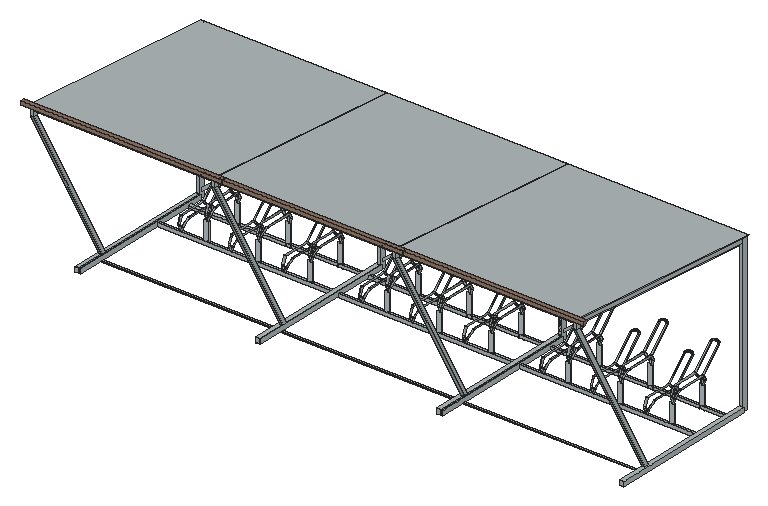
Revit family "Borås 18 Places", category Furniture, Revit 2020
Family settings
  OmniClass Number = 23.21.23.13.15
  Work Plane-Based = No
  Always vertical = Yes
  Cut with Voids When Loaded = No
  Shared = No
  Room Calculation Point = No
Parameters (values of type "8012490 Borås 18 Places / Galvanized")
  Uniclass 1.4 Description = "Furniture"
  Uniclass 1.4 Code = "L8211"
  URL = "https://www.hags.com/"
  QR code = ""
  Product url = "https://www.hags.com/en-us/park-urban/bicycle-storage/boraas-cycle-shelter/not-applicable-cast-in-place-18-places-aug-2010-galvanised"
  Product name = "Borås 18 Places / Galvanized"
  Product data url = ""
  Product SKU = ""
  Product Guid = "90e49432-c870-4a59-897e-b15016e8f9bd"
  OmniClass Description = ""
  OmniClass Code = "23-21 23 13 15"
  Model = "8012490"
  Manufacturer name = "HAGS"
  Manufacturer = "Hags"
  IFC Classification = "Furniture"
  Edition number = 1
  Description = "Borås 18 Places Galvanized "  # constant formula
  Default Elevation = 0 mm
  Construction material = Hags - Steel - Galvanized
  Body material_90 = Hags - Steel - Galvanized
  Body material = Hags - Steel - Galvanized
  BIMobject category = "bicycle-storage"
Reference planes
  plane 1 "Center (Front/Back)": y = 0
  plane 2: z = 0
  plane 3 "Center (Left/Right)": x = 0
Forms (mm)
  Extrusion 1, solid, material "Hags - Steel - Galvanized" <- "Construction material"
    sketch origin (-984.74, 2579.408, 0) x (0, 1, 0) y (0, 0, 1)
      loop
        line (-184.965, 0) -> (-184.965, 1710) -> (-234.965, 1710) -> (-234.965, 0) -> (-184.965, 0)
    from 0 to 32
  Extrusion 2, solid, material "Hags - Steel - Galvanized" <- "Construction material"
    sketch origin (-984.74, 2579.408, 0) x (0, 1, 0) y (0, 0, 1)
      loop
        line (-234.965, 1660) -> (-234.965, 1710) -> (-2462.806, 1904.911) -> (-2462.806, 1854.911) -> (-234.965, 1660)
    from 0 to 32
  Extrusion 3, solid, material "Hags - Steel - Galvanized" <- "Construction material"
    sketch origin (-985.052, 2579.408, 0) x (0, 1, 0) y (0, 0, 1)
      loop
        line (-2462.806, 1904.911) -> (-2512.806, 1904.911) -> (-2512.806, 1804.027) -> (-2462.806, 1804.027) -> (-2462.806, 1904.911)
    from 0 to 35
  Extrusion 4, solid, material "Hags - Steel - Galvanized" <- "Construction material"
    sketch origin (-985.052, 2579.408, 0) x (0, 1, 0) y (0, 0, 1)
      loop
        line (-2462.806, 1804.027) -> (-2512.806, 1804.027) -> (-1580.173, 50) -> (-1530.173, 50) -> (-1534.159, 57.495) -> (-2462.806, 1804.027)
    from 0 to 32
  Extrusion 5, solid, material "Hags - Steel - Galvanized" <- "Construction material"
    sketch origin (-1000.677, 2579.408, 0) x (0, 1, 0) y (0, 0, 1)
      loop
        line (-234.965, 50) -> (-1884.965, 50) -> (-1884.965, 0) -> (-234.965, 0) -> (-234.965, 50)
    from 0 to 43.755
  Extrusion 6, solid, material "Hags - Steel - Galvanized" <- "Construction material"
    sketch origin (-1000.677, 2384.408, 0) x (1, 0, 0) y (0, 0, 1)
      loop
        line (1995.745, 1698.705) -> (48.562, 1698.705) -> (48.562, 1664.079) -> (1995.745, 1664.079) -> (1995.745, 1698.705)
    from 0 to 32
  Extrusion 7, solid, material "Hags - Steel - Galvanized" <- "Construction material"
    sketch origin (-998.495, 109.408, 195.46) x (1, 0, 0) y (0, 0, 1)
      loop
        line (1995.745, 1698.705) -> (48.562, 1698.705) -> (48.562, 1664.079) -> (1995.745, 1664.079) -> (1995.745, 1698.705)
    from 0 to 38
  Extrusion 8, solid, material "Hags - Steel - Galvanized" <- "Construction material"
    sketch origin (-1000.677, 2384.408, 0) x (1, 0, 0) y (0, 0, 1)
      loop
        line (48.25, 73.319) -> (1994.904, 1618.13) -> (1994.904, 1650.001) -> (48.25, 103.265) -> (48.25, 73.319)
    from 0 to 32
  Extrusion 9, solid, material "Hags - Steel - Galvanized" <- "Construction material"
    sketch origin (-1000.677, 2579.408, 0) x (1, 0, 0) y (0, 1, 0)
      loop
        line (567.382, -415.587) -> (568.066, -416.141) -> (595.442, -389.704) -> (622.846, -415.88) -> (623.948, -415.585) -> (595.666, -387.302) -> (567.382, -415.587)
    from 0 to 245
  Extrusion 10, solid, material "Hags - Steel - Galvanized" <- "Construction material"
    sketch origin (-437.865, 2579.408, 0) x (1, 0, 0) y (0, 1, 0)
      loop
        line (567.382, -415.587) -> (568.066, -416.141) -> (595.442, -389.704) -> (622.846, -415.88) -> (623.948, -415.585) -> (595.666, -387.302) -> (567.382, -415.587)
    from 0 to 245
  Extrusion 11, solid, material "Hags - Steel - Galvanized" <- "Construction material"
    sketch origin (127.952, 2579.408, 0) x (1, 0, 0) y (0, 1, 0)
      loop
        line (567.382, -415.587) -> (568.066, -416.141) -> (595.442, -389.704) -> (622.846, -415.88) -> (623.948, -415.585) -> (595.666, -387.302) -> (567.382, -415.587)
    from 0 to 245
  Extrusion 12, solid, material "Hags - Steel - Galvanized" <- "Construction material"
    sketch origin (-1000.677, 2578.158, 0) x (1, 0, 0) y (0, 1, 0)
      loop
        line (48.562, -384.793) -> (48.562, -416.074) -> (1993.755, -416.074) -> (1993.755, -384.793) -> (48.562, -384.793)
    from 0 to 30
  Extrusion 13, solid, material "Hags - Steel - Galvanized" <- "Construction material"
    sketch origin (-1000.677, 2579.408, 0) x (1, 0, 0) y (0, 1, 0)
      loop
        line (46.821, -836.074) -> (1993.755, -836.074) -> (1993.755, -806.074) -> (46.821, -806.074) -> (46.821, -836.074)
    from 0 to 40
  Extrusion 14, solid, material "Hags - Steel - Galvanized" <- "Construction material"
    sketch origin (-1005.87, 1805.033, 2.5) x (1, 0, 0) y (0, 1, 0)
      loop
        line (48.948, -836.074) -> (1998.948, -836.074) -> (1998.948, -806.074) -> (48.948, -806.074) -> (48.948, -836.074)
    from 0 to 6
  Extrusion 15, solid, material "Hags - Steel - Galvanized" <- "Construction material"
    sketch origin (992.76, 2579.408, 0) x (0, 1, 0) y (0, 0, 1)
      loop
        line (-184.965, 0) -> (-184.965, 1710) -> (-234.965, 1710) -> (-234.965, 0) -> (-184.965, 0)
    from 0 to 32
  Extrusion 16, solid, material "Hags - Steel - Galvanized" <- "Construction material"
    sketch origin (992.76, 2579.408, 0) x (0, 1, 0) y (0, 0, 1)
      loop
        line (-234.965, 1660) -> (-234.965, 1710) -> (-2462.806, 1904.911) -> (-2462.806, 1854.911) -> (-234.965, 1660)
    from 0 to 32
  Extrusion 17, solid, material "Hags - Steel - Galvanized" <- "Construction material"
    sketch origin (992.448, 2579.408, 0) x (0, 1, 0) y (0, 0, 1)
      loop
        line (-2462.806, 1904.911) -> (-2512.806, 1904.911) -> (-2512.806, 1804.027) -> (-2462.806, 1804.027) -> (-2462.806, 1904.911)
    from 0 to 35
  Extrusion 18, solid, material "Hags - Steel - Galvanized" <- "Construction material"
    sketch origin (993.073, 2579.408, 0) x (0, 1, 0) y (0, 0, 1)
      loop
        line (-2462.806, 1804.027) -> (-2512.806, 1804.027) -> (-1580.173, 50) -> (-1530.173, 50) -> (-1534.159, 57.495) -> (-2462.806, 1804.027)
    from 0 to 32
  Extrusion 19, solid, material "Hags - Steel - Galvanized" <- "Construction material"
    sketch origin (994.13, 2579.408, 0) x (0, 1, 0) y (0, 0, 1)
      loop
        line (-234.965, 50) -> (-1884.965, 50) -> (-1884.965, 0) -> (-234.965, 0) -> (-234.965, 50)
    from 0 to 43.755
  Sweep 20, solid, material "Hags - Steel - Galvanized" <- "Body material"
    path origin (-364.372, 2583.549, -230.474) x (0, 1, 0) y (-0.309017, 0, 0.951057)
      loop
        line (-820.886, 0) -> (-820.886, 55.905) -> (-820.886, 59.124) -> (-819.965, 62.137) -> (-770.078, 125.99) -> (-766.002, 127.89) -> (-465.186, 127.89) -> (-461.094, 126.401) -> (-410.881, 58.199) -> (-410.115, 55.342) -> (-410.115, 0)
    profile origin (-373.01, 1762.663, -203.89) x (0, -1, 0) y (0.951057, 0, 0.309017)
      loop
        circle (0, 840.487) r 6.5
  Sweep 21, solid, material "Hags - Steel - Galvanized" <- "Body material"
    path origin (1244.524, 2583.549, -216.428) x (0, 1, 0) y (-0.292373, 0, -0.956304)
      loop
        line (-820.886, 0) -> (-820.886, -55.905) -> (-820.886, -59.124) -> (-819.965, -62.137) -> (-770.078, -125.99) -> (-766.002, -127.89) -> (-465.186, -127.89) -> (-461.094, -126.401) -> (-410.881, -58.199) -> (-410.115, -55.342) -> (-410.115, 0)
    profile origin (1252.697, 1762.663, -189.697) x (0, 1, 0) y (-0.956304, 0, 0.292373)
      loop
        circle (0, 840.487) r 6.5
  Sweep 22, solid, material "Hags - Steel - Galvanized" <- "Body material"
    path origin (-444.55, 2090.782, 123.616) x (1, 0, 0) y (0, 0.707107, 0.707107)
      loop
        line (839.702, 42.921) -> (839.702, 340.837) -> (840.265, 347.267) -> (843.228, 353.621) -> (847.934, 360.598) -> (855.705, 366.891) -> (865.691, 370.724) -> (877.383, 372.786) -> (881.238, 372.786) -> (892.864, 371.768) -> (903.629, 368.682) -> (914.205, 361.548) -> (920.498, 353.776) -> (923.074, 342.622) -> (923.074, 42.921)
    profile origin (395.152, 2226.462, 259.295) x (-1, 0, 0) y (0, -0.707107, 0.707107)
      loop
        circle (0, 0) r 6.547
  Sweep 23, solid, material "Hags - Steel - Galvanized" <- "Body material"
    path origin (-949.372, 2583.549, -230.474) x (0, 1, 0) y (-0.309017, 0, 0.951057)
      loop
        line (-820.886, 0) -> (-820.886, 55.905) -> (-820.886, 59.124) -> (-819.965, 62.137) -> (-770.078, 125.99) -> (-766.002, 127.89) -> (-465.186, 127.89) -> (-461.094, 126.401) -> (-410.881, 58.199) -> (-410.115, 55.342) -> (-410.115, 0)
    profile origin (-958.01, 1762.663, -203.89) x (0, -1, 0) y (0.951057, 0, 0.309017)
      loop
        circle (0, 840.487) r 6.5
  Sweep 24, solid, material "Hags - Steel - Galvanized" <- "Body material"
    path origin (659.524, 2583.549, -216.428) x (0, 1, 0) y (-0.292373, 0, -0.956304)
      loop
        line (-820.886, 0) -> (-820.886, -55.905) -> (-820.886, -59.124) -> (-819.965, -62.137) -> (-770.078, -125.99) -> (-766.002, -127.89) -> (-465.186, -127.89) -> (-461.094, -126.401) -> (-410.881, -58.199) -> (-410.115, -55.342) -> (-410.115, 0)
    profile origin (667.697, 1762.663, -189.697) x (0, 1, 0) y (-0.956304, 0, 0.292373)
      loop
        circle (0, 840.487) r 6.5
  Sweep 25, solid, material "Hags - Steel - Galvanized" <- "Body material"
    path origin (-1029.55, 2090.782, 123.616) x (1, 0, 0) y (0, 0.707107, 0.707107)
      loop
        line (839.702, 42.921) -> (839.702, 340.837) -> (840.265, 347.267) -> (843.228, 353.621) -> (847.934, 360.598) -> (855.705, 366.891) -> (865.691, 370.724) -> (877.383, 372.786) -> (881.238, 372.786) -> (892.864, 371.768) -> (903.629, 368.682) -> (914.205, 361.548) -> (920.498, 353.776) -> (923.074, 342.622) -> (923.074, 42.921)
    profile origin (-189.848, 2226.462, 259.295) x (-1, 0, 0) y (0, -0.707107, 0.707107)
      loop
        circle (0, 0) r 6.547
  Sweep 26, solid, material "Hags - Steel - Galvanized" <- "Body material"
    path origin (-1499.372, 2583.549, -230.474) x (0, 1, 0) y (-0.309017, 0, 0.951057)
      loop
        line (-820.886, 0) -> (-820.886, 55.905) -> (-820.886, 59.124) -> (-819.965, 62.137) -> (-770.078, 125.99) -> (-766.002, 127.89) -> (-465.186, 127.89) -> (-461.094, 126.401) -> (-410.881, 58.199) -> (-410.115, 55.342) -> (-410.115, 0)
    profile origin (-1508.01, 1762.663, -203.89) x (0, -1, 0) y (0.951057, 0, 0.309017)
      loop
        circle (0, 840.487) r 6.5
  Sweep 27, solid, material "Hags - Steel - Galvanized" <- "Body material"
    path origin (109.524, 2583.549, -216.428) x (0, 1, 0) y (-0.292373, 0, -0.956304)
      loop
        line (-820.886, 0) -> (-820.886, -55.905) -> (-820.886, -59.124) -> (-819.965, -62.137) -> (-770.078, -125.99) -> (-766.002, -127.89) -> (-465.186, -127.89) -> (-461.094, -126.401) -> (-410.881, -58.199) -> (-410.115, -55.342) -> (-410.115, 0)
    profile origin (117.697, 1762.663, -189.697) x (0, 1, 0) y (-0.956304, 0, 0.292373)
      loop
        circle (0, 840.487) r 6.5
  Sweep 28, solid, material "Hags - Steel - Galvanized" <- "Body material"
    path origin (-1579.55, 2090.782, 123.616) x (1, 0, 0) y (0, 0.707107, 0.707107)
      loop
        line (839.702, 42.921) -> (839.702, 340.837) -> (840.265, 347.267) -> (843.228, 353.621) -> (847.934, 360.598) -> (855.705, 366.891) -> (865.691, 370.724) -> (877.383, 372.786) -> (881.238, 372.786) -> (892.864, 371.768) -> (903.629, 368.682) -> (914.205, 361.548) -> (920.498, 353.776) -> (923.074, 342.622) -> (923.074, 42.921)
    profile origin (-739.848, 2226.462, 259.295) x (-1, 0, 0) y (0, -0.707107, 0.707107)
      loop
        circle (0, 0) r 6.547
  Sweep 29, solid, material "Hags - Steel - Galvanized" <- "Body material"
    path origin (-76.723, 2583.549, -20.216) x (0, 1, 0) y (-0.309017, 0, 0.951057)
      loop
        line (-820.886, 0) -> (-820.886, 55.905) -> (-820.886, 59.124) -> (-819.965, 62.137) -> (-770.078, 125.99) -> (-766.002, 127.89) -> (-465.186, 127.89) -> (-461.094, 126.401) -> (-410.881, 58.199) -> (-410.115, 55.342) -> (-410.115, 0)
    profile origin (-85.361, 1762.663, 6.368) x (0, -1, 0) y (0.951057, 0, 0.309017)
      loop
        circle (0, 840.487) r 6.5
  Sweep 30, solid, material "Hags - Steel - Galvanized" <- "Body material"
    path origin (1532.174, 2583.549, -6.17) x (0, 1, 0) y (-0.292373, 0, -0.956304)
      loop
        line (-820.886, 0) -> (-820.886, -55.905) -> (-820.886, -59.124) -> (-819.965, -62.137) -> (-770.078, -125.99) -> (-766.002, -127.89) -> (-465.186, -127.89) -> (-461.094, -126.401) -> (-410.881, -58.199) -> (-410.115, -55.342) -> (-410.115, 0)
    profile origin (1540.346, 1762.663, 20.561) x (0, 1, 0) y (-0.956304, 0, 0.292373)
      loop
        circle (0, 840.487) r 6.5
  Sweep 31, solid, material "Hags - Steel - Galvanized" <- "Body material"
    path origin (-156.901, 2090.782, 333.874) x (1, 0, 0) y (0, 0.707107, 0.707107)
      loop
        line (839.702, 42.921) -> (839.702, 340.837) -> (840.265, 347.267) -> (843.228, 353.621) -> (847.934, 360.598) -> (855.705, 366.891) -> (865.691, 370.724) -> (877.383, 372.786) -> (881.238, 372.786) -> (892.864, 371.768) -> (903.629, 368.682) -> (914.205, 361.548) -> (920.498, 353.776) -> (923.074, 342.622) -> (923.074, 42.921)
    profile origin (682.801, 2226.462, 469.553) x (-1, 0, 0) y (0, -0.707107, 0.707107)
      loop
        circle (0, 0) r 6.547
  Extrusion 32, solid, material "Hags - Steel - Galvanized" <- "Construction material"
    sketch origin (127.952, 2165.658, 0) x (1, 0, 0) y (0, 1, 0)
      loop
        line (567.382, -415.587) -> (568.066, -416.141) -> (595.442, -389.704) -> (622.846, -415.88) -> (623.948, -415.585) -> (595.666, -387.302) -> (567.382, -415.587)
    from 0 to 245
  Sweep 33, solid, material "Hags - Steel - Galvanized" <- "Body material"
    path origin (-641.723, 2583.549, -20.216) x (0, 1, 0) y (-0.309017, 0, 0.951057)
      loop
        line (-820.886, 0) -> (-820.886, 55.905) -> (-820.886, 59.124) -> (-819.965, 62.137) -> (-770.078, 125.99) -> (-766.002, 127.89) -> (-465.186, 127.89) -> (-461.094, 126.401) -> (-410.881, 58.199) -> (-410.115, 55.342) -> (-410.115, 0)
    profile origin (-650.361, 1762.663, 6.368) x (0, -1, 0) y (0.951057, 0, 0.309017)
      loop
        circle (0, 840.487) r 6.5
  Sweep 34, solid, material "Hags - Steel - Galvanized" <- "Body material"
    path origin (967.174, 2583.549, -6.17) x (0, 1, 0) y (-0.292373, 0, -0.956304)
      loop
        line (-820.886, 0) -> (-820.886, -55.905) -> (-820.886, -59.124) -> (-819.965, -62.137) -> (-770.078, -125.99) -> (-766.002, -127.89) -> (-465.186, -127.89) -> (-461.094, -126.401) -> (-410.881, -58.199) -> (-410.115, -55.342) -> (-410.115, 0)
    profile origin (975.346, 1762.663, 20.561) x (0, 1, 0) y (-0.956304, 0, 0.292373)
      loop
        circle (0, 840.487) r 6.5
  Sweep 35, solid, material "Hags - Steel - Galvanized" <- "Body material"
    path origin (-721.901, 2090.782, 333.874) x (1, 0, 0) y (0, 0.707107, 0.707107)
      loop
        line (839.702, 42.921) -> (839.702, 340.837) -> (840.265, 347.267) -> (843.228, 353.621) -> (847.934, 360.598) -> (855.705, 366.891) -> (865.691, 370.724) -> (877.383, 372.786) -> (881.238, 372.786) -> (892.864, 371.768) -> (903.629, 368.682) -> (914.205, 361.548) -> (920.498, 353.776) -> (923.074, 342.622) -> (923.074, 42.921)
    profile origin (117.801, 2226.462, 469.553) x (-1, 0, 0) y (0, -0.707107, 0.707107)
      loop
        circle (0, 0) r 6.547
  Extrusion 36, solid, material "Hags - Steel - Galvanized" <- "Construction material"
    sketch origin (-437.048, 2165.658, 0) x (1, 0, 0) y (0, 1, 0)
      loop
        line (567.382, -415.587) -> (568.066, -416.141) -> (595.442, -389.704) -> (622.846, -415.88) -> (623.948, -415.585) -> (595.666, -387.302) -> (567.382, -415.587)
    from 0 to 245
  Sweep 37, solid, material "Hags - Steel - Galvanized" <- "Body material"
    path origin (-1205.473, 2583.549, -20.216) x (0, 1, 0) y (-0.309017, 0, 0.951057)
      loop
        line (-820.886, 0) -> (-820.886, 55.905) -> (-820.886, 59.124) -> (-819.965, 62.137) -> (-770.078, 125.99) -> (-766.002, 127.89) -> (-465.186, 127.89) -> (-461.094, 126.401) -> (-410.881, 58.199) -> (-410.115, 55.342) -> (-410.115, 0)
    profile origin (-1214.111, 1762.663, 6.368) x (0, -1, 0) y (0.951057, 0, 0.309017)
      loop
        circle (0, 840.487) r 6.5
  Sweep 38, solid, material "Hags - Steel - Galvanized" <- "Body material"
    path origin (403.424, 2583.549, -6.17) x (0, 1, 0) y (-0.292373, 0, -0.956304)
      loop
        line (-820.886, 0) -> (-820.886, -55.905) -> (-820.886, -59.124) -> (-819.965, -62.137) -> (-770.078, -125.99) -> (-766.002, -127.89) -> (-465.186, -127.89) -> (-461.094, -126.401) -> (-410.881, -58.199) -> (-410.115, -55.342) -> (-410.115, 0)
    profile origin (411.596, 1762.663, 20.561) x (0, 1, 0) y (-0.956304, 0, 0.292373)
      loop
        circle (0, 840.487) r 6.5
  Sweep 39, solid, material "Hags - Steel - Galvanized" <- "Body material"
    path origin (-1285.651, 2090.782, 333.874) x (1, 0, 0) y (0, 0.707107, 0.707107)
      loop
        line (839.702, 42.921) -> (839.702, 340.837) -> (840.265, 347.267) -> (843.228, 353.621) -> (847.934, 360.598) -> (855.705, 366.891) -> (865.691, 370.724) -> (877.383, 372.786) -> (881.238, 372.786) -> (892.864, 371.768) -> (903.629, 368.682) -> (914.205, 361.548) -> (920.498, 353.776) -> (923.074, 342.622) -> (923.074, 42.921)
    profile origin (-445.949, 2226.462, 469.553) x (-1, 0, 0) y (0, -0.707107, 0.707107)
      loop
        circle (0, 0) r 6.547
  Extrusion 40, solid, material "Hags - Steel - Galvanized" <- "Construction material"
    sketch origin (-1000.798, 2165.658, 0) x (1, 0, 0) y (0, 1, 0)
      loop
        line (567.382, -415.587) -> (568.066, -416.141) -> (595.442, -389.704) -> (622.846, -415.88) -> (623.948, -415.585) -> (595.666, -387.302) -> (567.382, -415.587)
    from 0 to 245
  Extrusion 41, solid, material "Hags - Wood - Bark brown"
    sketch origin (-1075.269, 2592.308, -25) x (0, 1, 0) y (0, 0, 1)
      loop
        line (-2549.63, 1911.391) -> (-2527.825, 1909.1) -> (-2525.404, 1932.128) -> (-2502.617, 1929.733) -> (-2500.3, 1951.774) -> (-2544.893, 1956.461) -> (-2549.63, 1911.391)
    from -1.351 to 2200
  Extrusion 42, solid, material "Hags - Steel - Galvanized" <- "Body material"
    sketch origin (3679.106, -1732.992, 2066.313) x (1, 0, 0) y (0, 0.996302, -0.085916)
      loop
        line (-4664.158, 1835.544) -> (-2639.158, 1835.544) -> (-2639.158, 4145.544) -> (-4664.158, 4145.544) -> (-4664.158, 1835.544)
    from 0 to 8
  Extrusion 43, solid, material "Hags - Steel - Galvanized" <- "Construction material"
    sketch origin (-2962.865, 2579.408, 0) x (0, 1, 0) y (0, 0, 1)
      loop
        line (-184.965, 0) -> (-184.965, 1710) -> (-234.965, 1710) -> (-234.965, 0) -> (-184.965, 0)
    from 0 to 32
  Extrusion 44, solid, material "Hags - Steel - Galvanized" <- "Construction material"
    sketch origin (-2962.865, 2579.408, 0) x (0, 1, 0) y (0, 0, 1)
      loop
        line (-234.965, 1660) -> (-234.965, 1710) -> (-2462.806, 1904.911) -> (-2462.806, 1854.911) -> (-234.965, 1660)
    from 0 to 32
  Extrusion 45, solid, material "Hags - Steel - Galvanized" <- "Construction material"
    sketch origin (-2963.177, 2579.408, 0) x (0, 1, 0) y (0, 0, 1)
      loop
        line (-2462.806, 1904.911) -> (-2512.806, 1904.911) -> (-2512.806, 1804.027) -> (-2462.806, 1804.027) -> (-2462.806, 1904.911)
    from 0 to 35
  Extrusion 46, solid, material "Hags - Steel - Galvanized" <- "Construction material"
    sketch origin (-2963.177, 2579.408, 0) x (0, 1, 0) y (0, 0, 1)
      loop
        line (-2462.806, 1804.027) -> (-2512.806, 1804.027) -> (-1580.173, 50) -> (-1530.173, 50) -> (-1534.159, 57.495) -> (-2462.806, 1804.027)
    from 0 to 32
  Extrusion 47, solid, material "Hags - Steel - Galvanized" <- "Construction material"
    sketch origin (-2978.802, 2579.408, 0) x (0, 1, 0) y (0, 0, 1)
      loop
        line (-234.965, 50) -> (-1884.965, 50) -> (-1884.965, 0) -> (-234.965, 0) -> (-234.965, 50)
    from 0 to 43.755
  Extrusion 48, solid, material "Hags - Steel - Galvanized" <- "Construction material"
    sketch origin (-2978.802, 2384.408, 0) x (1, 0, 0) y (0, 0, 1)
      loop
        line (1995.745, 1698.705) -> (48.562, 1698.705) -> (48.562, 1664.079) -> (1995.745, 1664.079) -> (1995.745, 1698.705)
    from 0 to 32
  Extrusion 49, solid, material "Hags - Steel - Galvanized" <- "Construction material"
    sketch origin (-2976.62, 109.408, 195.46) x (1, 0, 0) y (0, 0, 1)
      loop
        line (1995.745, 1698.705) -> (48.562, 1698.705) -> (48.562, 1664.079) -> (1995.745, 1664.079) -> (1995.745, 1698.705)
    from 0 to 38
  Extrusion 50, solid, material "Hags - Steel - Galvanized" <- "Construction material"
    sketch origin (-2978.802, 2384.408, 0) x (1, 0, 0) y (0, 0, 1)
      loop
        line (48.25, 73.319) -> (1994.904, 1618.13) -> (1994.904, 1650.001) -> (48.25, 103.265) -> (48.25, 73.319)
    from 0 to 32
  Extrusion 51, solid, material "Hags - Steel - Galvanized" <- "Construction material"
    sketch origin (-2978.802, 2579.408, 0) x (1, 0, 0) y (0, 1, 0)
      loop
        line (567.382, -415.587) -> (568.066, -416.141) -> (595.442, -389.704) -> (622.846, -415.88) -> (623.948, -415.585) -> (595.666, -387.302) -> (567.382, -415.587)
    from 0 to 245
  Extrusion 52, solid, material "Hags - Steel - Galvanized" <- "Construction material"
    sketch origin (-2415.99, 2579.408, 0) x (1, 0, 0) y (0, 1, 0)
      loop
        line (567.382, -415.587) -> (568.066, -416.141) -> (595.442, -389.704) -> (622.846, -415.88) -> (623.948, -415.585) -> (595.666, -387.302) -> (567.382, -415.587)
    from 0 to 245
  Extrusion 53, solid, material "Hags - Steel - Galvanized" <- "Construction material"
    sketch origin (-1850.173, 2579.408, 0) x (1, 0, 0) y (0, 1, 0)
      loop
        line (567.382, -415.587) -> (568.066, -416.141) -> (595.442, -389.704) -> (622.846, -415.88) -> (623.948, -415.585) -> (595.666, -387.302) -> (567.382, -415.587)
    from 0 to 245
  Extrusion 54, solid, material "Hags - Steel - Galvanized" <- "Construction material"
    sketch origin (-2978.802, 2578.158, 0) x (1, 0, 0) y (0, 1, 0)
      loop
        line (48.562, -384.793) -> (48.562, -416.074) -> (1993.755, -416.074) -> (1993.755, -384.793) -> (48.562, -384.793)
    from 0 to 30
  Extrusion 55, solid, material "Hags - Steel - Galvanized" <- "Construction material"
    sketch origin (-2978.802, 2579.408, 0) x (1, 0, 0) y (0, 1, 0)
      loop
        line (46.821, -836.074) -> (1993.755, -836.074) -> (1993.755, -806.074) -> (46.821, -806.074) -> (46.821, -836.074)
    from 0 to 40
  Extrusion 56, solid, material "Hags - Steel - Galvanized" <- "Construction material"
    sketch origin (-2983.995, 1805.033, 2.5) x (1, 0, 0) y (0, 1, 0)
      loop
        line (48.948, -836.074) -> (1998.948, -836.074) -> (1998.948, -806.074) -> (48.948, -806.074) -> (48.948, -836.074)
    from 0 to 6
  Extrusion 57, solid, material "Hags - Steel - Galvanized" <- "Construction material"
    sketch origin (-985.365, 2579.408, 0) x (0, 1, 0) y (0, 0, 1)
      loop
        line (-184.965, 0) -> (-184.965, 1710) -> (-234.965, 1710) -> (-234.965, 0) -> (-184.965, 0)
    from 0 to 32
  Extrusion 58, solid, material "Hags - Steel - Galvanized" <- "Construction material"
    sketch origin (-985.365, 2579.408, 0) x (0, 1, 0) y (0, 0, 1)
      loop
        line (-234.965, 1660) -> (-234.965, 1710) -> (-2462.806, 1904.911) -> (-2462.806, 1854.911) -> (-234.965, 1660)
    from 0 to 32
  Extrusion 59, solid, material "Hags - Steel - Galvanized" <- "Construction material"
    sketch origin (-985.677, 2579.408, 0) x (0, 1, 0) y (0, 0, 1)
      loop
        line (-2462.806, 1904.911) -> (-2512.806, 1904.911) -> (-2512.806, 1804.027) -> (-2462.806, 1804.027) -> (-2462.806, 1904.911)
    from 0 to 35
  Extrusion 60, solid, material "Hags - Steel - Galvanized" <- "Construction material"
    sketch origin (-985.052, 2579.408, 0) x (0, 1, 0) y (0, 0, 1)
      loop
        line (-2462.806, 1804.027) -> (-2512.806, 1804.027) -> (-1580.173, 50) -> (-1530.173, 50) -> (-1534.159, 57.495) -> (-2462.806, 1804.027)
    from 0 to 32
  Extrusion 61, solid, material "Hags - Steel - Galvanized" <- "Construction material"
    sketch origin (-983.995, 2579.408, 0) x (0, 1, 0) y (0, 0, 1)
      loop
        line (-234.965, 50) -> (-1884.965, 50) -> (-1884.965, 0) -> (-234.965, 0) -> (-234.965, 50)
    from 0 to 43.755
  Sweep 62, solid, material "Hags - Steel - Galvanized" <- "Body material"
    path origin (-2342.497, 2583.549, -230.474) x (0, 1, 0) y (-0.309017, 0, 0.951057)
      loop
        line (-820.886, 0) -> (-820.886, 55.905) -> (-820.886, 59.124) -> (-819.965, 62.137) -> (-770.078, 125.99) -> (-766.002, 127.89) -> (-465.186, 127.89) -> (-461.094, 126.401) -> (-410.881, 58.199) -> (-410.115, 55.342) -> (-410.115, 0)
    profile origin (-2351.135, 1762.663, -203.89) x (0, -1, 0) y (0.951057, 0, 0.309017)
      loop
        circle (0, 840.487) r 6.5
  Sweep 63, solid, material "Hags - Steel - Galvanized" <- "Body material"
    path origin (-733.601, 2583.549, -216.428) x (0, 1, 0) y (-0.292373, 0, -0.956304)
      loop
        line (-820.886, 0) -> (-820.886, -55.905) -> (-820.886, -59.124) -> (-819.965, -62.137) -> (-770.078, -125.99) -> (-766.002, -127.89) -> (-465.186, -127.89) -> (-461.094, -126.401) -> (-410.881, -58.199) -> (-410.115, -55.342) -> (-410.115, 0)
    profile origin (-725.428, 1762.663, -189.697) x (0, 1, 0) y (-0.956304, 0, 0.292373)
      loop
        circle (0, 840.487) r 6.5
  Sweep 64, solid, material "Hags - Steel - Galvanized" <- "Body material"
    path origin (-2422.675, 2090.782, 123.616) x (1, 0, 0) y (0, 0.707107, 0.707107)
      loop
        line (839.702, 42.921) -> (839.702, 340.837) -> (840.265, 347.267) -> (843.228, 353.621) -> (847.934, 360.598) -> (855.705, 366.891) -> (865.691, 370.724) -> (877.383, 372.786) -> (881.238, 372.786) -> (892.864, 371.768) -> (903.629, 368.682) -> (914.205, 361.548) -> (920.498, 353.776) -> (923.074, 342.622) -> (923.074, 42.921)
    profile origin (-1582.973, 2226.462, 259.295) x (-1, 0, 0) y (0, -0.707107, 0.707107)
      loop
        circle (0, 0) r 6.547
  Sweep 65, solid, material "Hags - Steel - Galvanized" <- "Body material"
    path origin (-2927.497, 2583.549, -230.474) x (0, 1, 0) y (-0.309017, 0, 0.951057)
      loop
        line (-820.886, 0) -> (-820.886, 55.905) -> (-820.886, 59.124) -> (-819.965, 62.137) -> (-770.078, 125.99) -> (-766.002, 127.89) -> (-465.186, 127.89) -> (-461.094, 126.401) -> (-410.881, 58.199) -> (-410.115, 55.342) -> (-410.115, 0)
    profile origin (-2936.135, 1762.663, -203.89) x (0, -1, 0) y (0.951057, 0, 0.309017)
      loop
        circle (0, 840.487) r 6.5
  Sweep 66, solid, material "Hags - Steel - Galvanized" <- "Body material"
    path origin (-1318.601, 2583.549, -216.428) x (0, 1, 0) y (-0.292373, 0, -0.956304)
      loop
        line (-820.886, 0) -> (-820.886, -55.905) -> (-820.886, -59.124) -> (-819.965, -62.137) -> (-770.078, -125.99) -> (-766.002, -127.89) -> (-465.186, -127.89) -> (-461.094, -126.401) -> (-410.881, -58.199) -> (-410.115, -55.342) -> (-410.115, 0)
    profile origin (-1310.428, 1762.663, -189.697) x (0, 1, 0) y (-0.956304, 0, 0.292373)
      loop
        circle (0, 840.487) r 6.5
  Sweep 67, solid, material "Hags - Steel - Galvanized" <- "Body material"
    path origin (-3007.675, 2090.782, 123.616) x (1, 0, 0) y (0, 0.707107, 0.707107)
      loop
        line (839.702, 42.921) -> (839.702, 340.837) -> (840.265, 347.267) -> (843.228, 353.621) -> (847.934, 360.598) -> (855.705, 366.891) -> (865.691, 370.724) -> (877.383, 372.786) -> (881.238, 372.786) -> (892.864, 371.768) -> (903.629, 368.682) -> (914.205, 361.548) -> (920.498, 353.776) -> (923.074, 342.622) -> (923.074, 42.921)
    profile origin (-2167.973, 2226.462, 259.295) x (-1, 0, 0) y (0, -0.707107, 0.707107)
      loop
        circle (0, 0) r 6.547
  Sweep 68, solid, material "Hags - Steel - Galvanized" <- "Body material"
    path origin (-3477.497, 2583.549, -230.474) x (0, 1, 0) y (-0.309017, 0, 0.951057)
      loop
        line (-820.886, 0) -> (-820.886, 55.905) -> (-820.886, 59.124) -> (-819.965, 62.137) -> (-770.078, 125.99) -> (-766.002, 127.89) -> (-465.186, 127.89) -> (-461.094, 126.401) -> (-410.881, 58.199) -> (-410.115, 55.342) -> (-410.115, 0)
    profile origin (-3486.135, 1762.663, -203.89) x (0, -1, 0) y (0.951057, 0, 0.309017)
      loop
        circle (0, 840.487) r 6.5
  Sweep 69, solid, material "Hags - Steel - Galvanized" <- "Body material"
    path origin (-1868.601, 2583.549, -216.428) x (0, 1, 0) y (-0.292373, 0, -0.956304)
      loop
        line (-820.886, 0) -> (-820.886, -55.905) -> (-820.886, -59.124) -> (-819.965, -62.137) -> (-770.078, -125.99) -> (-766.002, -127.89) -> (-465.186, -127.89) -> (-461.094, -126.401) -> (-410.881, -58.199) -> (-410.115, -55.342) -> (-410.115, 0)
    profile origin (-1860.428, 1762.663, -189.697) x (0, 1, 0) y (-0.956304, 0, 0.292373)
      loop
        circle (0, 840.487) r 6.5
  Sweep 70, solid, material "Hags - Steel - Galvanized" <- "Body material"
    path origin (-3557.675, 2090.782, 123.616) x (1, 0, 0) y (0, 0.707107, 0.707107)
      loop
        line (839.702, 42.921) -> (839.702, 340.837) -> (840.265, 347.267) -> (843.228, 353.621) -> (847.934, 360.598) -> (855.705, 366.891) -> (865.691, 370.724) -> (877.383, 372.786) -> (881.238, 372.786) -> (892.864, 371.768) -> (903.629, 368.682) -> (914.205, 361.548) -> (920.498, 353.776) -> (923.074, 342.622) -> (923.074, 42.921)
    profile origin (-2717.973, 2226.462, 259.295) x (-1, 0, 0) y (0, -0.707107, 0.707107)
      loop
        circle (0, 0) r 6.547
  Sweep 71, solid, material "Hags - Steel - Galvanized" <- "Body material"
    path origin (-2054.848, 2583.549, -20.216) x (0, 1, 0) y (-0.309017, 0, 0.951057)
      loop
        line (-820.886, 0) -> (-820.886, 55.905) -> (-820.886, 59.124) -> (-819.965, 62.137) -> (-770.078, 125.99) -> (-766.002, 127.89) -> (-465.186, 127.89) -> (-461.094, 126.401) -> (-410.881, 58.199) -> (-410.115, 55.342) -> (-410.115, 0)
    profile origin (-2063.486, 1762.663, 6.368) x (0, -1, 0) y (0.951057, 0, 0.309017)
      loop
        circle (0, 840.487) r 6.5
  Sweep 72, solid, material "Hags - Steel - Galvanized" <- "Body material"
    path origin (-445.951, 2583.549, -6.17) x (0, 1, 0) y (-0.292373, 0, -0.956304)
      loop
        line (-820.886, 0) -> (-820.886, -55.905) -> (-820.886, -59.124) -> (-819.965, -62.137) -> (-770.078, -125.99) -> (-766.002, -127.89) -> (-465.186, -127.89) -> (-461.094, -126.401) -> (-410.881, -58.199) -> (-410.115, -55.342) -> (-410.115, 0)
    profile origin (-437.779, 1762.663, 20.561) x (0, 1, 0) y (-0.956304, 0, 0.292373)
      loop
        circle (0, 840.487) r 6.5
  Sweep 73, solid, material "Hags - Steel - Galvanized" <- "Body material"
    path origin (-2135.026, 2090.782, 333.874) x (1, 0, 0) y (0, 0.707107, 0.707107)
      loop
        line (839.702, 42.921) -> (839.702, 340.837) -> (840.265, 347.267) -> (843.228, 353.621) -> (847.934, 360.598) -> (855.705, 366.891) -> (865.691, 370.724) -> (877.383, 372.786) -> (881.238, 372.786) -> (892.864, 371.768) -> (903.629, 368.682) -> (914.205, 361.548) -> (920.498, 353.776) -> (923.074, 342.622) -> (923.074, 42.921)
    profile origin (-1295.324, 2226.462, 469.553) x (-1, 0, 0) y (0, -0.707107, 0.707107)
      loop
        circle (0, 0) r 6.547
  Extrusion 74, solid, material "Hags - Steel - Galvanized" <- "Construction material"
    sketch origin (-1850.173, 2165.658, 0) x (1, 0, 0) y (0, 1, 0)
      loop
        line (567.382, -415.587) -> (568.066, -416.141) -> (595.442, -389.704) -> (622.846, -415.88) -> (623.948, -415.585) -> (595.666, -387.302) -> (567.382, -415.587)
    from 0 to 245
  Sweep 75, solid, material "Hags - Steel - Galvanized" <- "Body material"
    path origin (-2619.848, 2583.549, -20.216) x (0, 1, 0) y (-0.309017, 0, 0.951057)
      loop
        line (-820.886, 0) -> (-820.886, 55.905) -> (-820.886, 59.124) -> (-819.965, 62.137) -> (-770.078, 125.99) -> (-766.002, 127.89) -> (-465.186, 127.89) -> (-461.094, 126.401) -> (-410.881, 58.199) -> (-410.115, 55.342) -> (-410.115, 0)
    profile origin (-2628.486, 1762.663, 6.368) x (0, -1, 0) y (0.951057, 0, 0.309017)
      loop
        circle (0, 840.487) r 6.5
  Sweep 76, solid, material "Hags - Steel - Galvanized" <- "Body material"
    path origin (-1010.951, 2583.549, -6.17) x (0, 1, 0) y (-0.292373, 0, -0.956304)
      loop
        line (-820.886, 0) -> (-820.886, -55.905) -> (-820.886, -59.124) -> (-819.965, -62.137) -> (-770.078, -125.99) -> (-766.002, -127.89) -> (-465.186, -127.89) -> (-461.094, -126.401) -> (-410.881, -58.199) -> (-410.115, -55.342) -> (-410.115, 0)
    profile origin (-1002.779, 1762.663, 20.561) x (0, 1, 0) y (-0.956304, 0, 0.292373)
      loop
        circle (0, 840.487) r 6.5
  Sweep 77, solid, material "Hags - Steel - Galvanized" <- "Body material"
    path origin (-2700.026, 2090.782, 333.874) x (1, 0, 0) y (0, 0.707107, 0.707107)
      loop
        line (839.702, 42.921) -> (839.702, 340.837) -> (840.265, 347.267) -> (843.228, 353.621) -> (847.934, 360.598) -> (855.705, 366.891) -> (865.691, 370.724) -> (877.383, 372.786) -> (881.238, 372.786) -> (892.864, 371.768) -> (903.629, 368.682) -> (914.205, 361.548) -> (920.498, 353.776) -> (923.074, 342.622) -> (923.074, 42.921)
    profile origin (-1860.324, 2226.462, 469.553) x (-1, 0, 0) y (0, -0.707107, 0.707107)
      loop
        circle (0, 0) r 6.547
  Extrusion 78, solid, material "Hags - Steel - Galvanized" <- "Construction material"
    sketch origin (-2415.173, 2165.658, 0) x (1, 0, 0) y (0, 1, 0)
      loop
        line (567.382, -415.587) -> (568.066, -416.141) -> (595.442, -389.704) -> (622.846, -415.88) -> (623.948, -415.585) -> (595.666, -387.302) -> (567.382, -415.587)
    from 0 to 245
  Sweep 79, solid, material "Hags - Steel - Galvanized" <- "Body material"
    path origin (-3183.598, 2583.549, -20.216) x (0, 1, 0) y (-0.309017, 0, 0.951057)
      loop
        line (-820.886, 0) -> (-820.886, 55.905) -> (-820.886, 59.124) -> (-819.965, 62.137) -> (-770.078, 125.99) -> (-766.002, 127.89) -> (-465.186, 127.89) -> (-461.094, 126.401) -> (-410.881, 58.199) -> (-410.115, 55.342) -> (-410.115, 0)
    profile origin (-3192.236, 1762.663, 6.368) x (0, -1, 0) y (0.951057, 0, 0.309017)
      loop
        circle (0, 840.487) r 6.5
  Sweep 80, solid, material "Hags - Steel - Galvanized" <- "Body material"
    path origin (-1574.701, 2583.549, -6.17) x (0, 1, 0) y (-0.292373, 0, -0.956304)
      loop
        line (-820.886, 0) -> (-820.886, -55.905) -> (-820.886, -59.124) -> (-819.965, -62.137) -> (-770.078, -125.99) -> (-766.002, -127.89) -> (-465.186, -127.89) -> (-461.094, -126.401) -> (-410.881, -58.199) -> (-410.115, -55.342) -> (-410.115, 0)
    profile origin (-1566.529, 1762.663, 20.561) x (0, 1, 0) y (-0.956304, 0, 0.292373)
      loop
        circle (0, 840.487) r 6.5
  Sweep 81, solid, material "Hags - Steel - Galvanized" <- "Body material"
    path origin (-3263.776, 2090.782, 333.874) x (1, 0, 0) y (0, 0.707107, 0.707107)
      loop
        line (839.702, 42.921) -> (839.702, 340.837) -> (840.265, 347.267) -> (843.228, 353.621) -> (847.934, 360.598) -> (855.705, 366.891) -> (865.691, 370.724) -> (877.383, 372.786) -> (881.238, 372.786) -> (892.864, 371.768) -> (903.629, 368.682) -> (914.205, 361.548) -> (920.498, 353.776) -> (923.074, 342.622) -> (923.074, 42.921)
    profile origin (-2424.074, 2226.462, 469.553) x (-1, 0, 0) y (0, -0.707107, 0.707107)
      loop
        circle (0, 0) r 6.547
  Extrusion 82, solid, material "Hags - Steel - Galvanized" <- "Construction material"
    sketch origin (-2978.923, 2165.658, 0) x (1, 0, 0) y (0, 1, 0)
      loop
        line (567.382, -415.587) -> (568.066, -416.141) -> (595.442, -389.704) -> (622.846, -415.88) -> (623.948, -415.585) -> (595.666, -387.302) -> (567.382, -415.587)
    from 0 to 245
  Extrusion 83, solid, material "Hags - Wood - Bark brown"
    sketch origin (-3053.394, 2592.308, -25) x (0, 1, 0) y (0, 0, 1)
      loop
        line (-2549.63, 1911.391) -> (-2527.825, 1909.1) -> (-2525.404, 1932.128) -> (-2502.617, 1929.733) -> (-2500.3, 1951.774) -> (-2544.893, 1956.461) -> (-2549.63, 1911.391)
    from -1.351 to 2200
  Extrusion 84, solid, material "Hags - Steel - Galvanized" <- "Body material"
    sketch origin (1700.981, -1732.992, 2066.313) x (1, 0, 0) y (0, 0.996302, -0.085916)
      loop
        line (-4664.158, 1835.544) -> (-2639.158, 1835.544) -> (-2639.158, 4145.544) -> (-4664.158, 4145.544) -> (-4664.158, 1835.544)
    from 0 to 8
  Extrusion 85, solid, material "Hags - Steel - Galvanized" <- "Construction material"
    sketch origin (-4940.677, 2579.408, 0) x (0, 1, 0) y (0, 0, 1)
      loop
        line (-184.965, 0) -> (-184.965, 1710) -> (-234.965, 1710) -> (-234.965, 0) -> (-184.965, 0)
    from 0 to 32
  Extrusion 86, solid, material "Hags - Steel - Galvanized" <- "Construction material"
    sketch origin (-4940.677, 2579.408, 0) x (0, 1, 0) y (0, 0, 1)
      loop
        line (-234.965, 1660) -> (-234.965, 1710) -> (-2462.806, 1904.911) -> (-2462.806, 1854.911) -> (-234.965, 1660)
    from 0 to 32
  Extrusion 87, solid, material "Hags - Steel - Galvanized" <- "Construction material"
    sketch origin (-4940.99, 2579.408, 0) x (0, 1, 0) y (0, 0, 1)
      loop
        line (-2462.806, 1904.911) -> (-2512.806, 1904.911) -> (-2512.806, 1804.027) -> (-2462.806, 1804.027) -> (-2462.806, 1904.911)
    from 0 to 35
  Extrusion 88, solid, material "Hags - Steel - Galvanized" <- "Construction material"
    sketch origin (-4940.99, 2579.408, 0) x (0, 1, 0) y (0, 0, 1)
      loop
        line (-2462.806, 1804.027) -> (-2512.806, 1804.027) -> (-1580.173, 50) -> (-1530.173, 50) -> (-1534.159, 57.495) -> (-2462.806, 1804.027)
    from 0 to 32
  Extrusion 89, solid, material "Hags - Steel - Galvanized" <- "Construction material"
    sketch origin (-4956.615, 2579.408, 0) x (0, 1, 0) y (0, 0, 1)
      loop
        line (-234.965, 50) -> (-1884.965, 50) -> (-1884.965, 0) -> (-234.965, 0) -> (-234.965, 50)
    from 0 to 43.755
  Extrusion 90, solid, material "Hags - Steel - Galvanized" <- "Construction material"
    sketch origin (-4956.615, 2384.408, 0) x (1, 0, 0) y (0, 0, 1)
      loop
        line (1995.745, 1698.705) -> (48.562, 1698.705) -> (48.562, 1664.079) -> (1995.745, 1664.079) -> (1995.745, 1698.705)
    from 0 to 32
  Extrusion 91, solid, material "Hags - Steel - Galvanized" <- "Construction material"
    sketch origin (-4954.433, 109.408, 195.46) x (1, 0, 0) y (0, 0, 1)
      loop
        line (1995.745, 1698.705) -> (48.562, 1698.705) -> (48.562, 1664.079) -> (1995.745, 1664.079) -> (1995.745, 1698.705)
    from 0 to 38
  Extrusion 92, solid, material "Hags - Steel - Galvanized" <- "Construction material"
    sketch origin (-4956.615, 2384.408, 0) x (1, 0, 0) y (0, 0, 1)
      loop
        line (48.25, 73.319) -> (1994.904, 1618.13) -> (1994.904, 1650.001) -> (48.25, 103.265) -> (48.25, 73.319)
    from 0 to 32
  Extrusion 93, solid, material "Hags - Steel - Galvanized" <- "Construction material"
    sketch origin (-4956.615, 2579.408, 0) x (1, 0, 0) y (0, 1, 0)
      loop
        line (567.382, -415.587) -> (568.066, -416.141) -> (595.442, -389.704) -> (622.846, -415.88) -> (623.948, -415.585) -> (595.666, -387.302) -> (567.382, -415.587)
    from 0 to 245
  Extrusion 94, solid, material "Hags - Steel - Galvanized" <- "Construction material"
    sketch origin (-4393.802, 2579.408, 0) x (1, 0, 0) y (0, 1, 0)
      loop
        line (567.382, -415.587) -> (568.066, -416.141) -> (595.442, -389.704) -> (622.846, -415.88) -> (623.948, -415.585) -> (595.666, -387.302) -> (567.382, -415.587)
    from 0 to 245
  Extrusion 95, solid, material "Hags - Steel - Galvanized" <- "Construction material"
    sketch origin (-3827.986, 2579.408, 0) x (1, 0, 0) y (0, 1, 0)
      loop
        line (567.382, -415.587) -> (568.066, -416.141) -> (595.442, -389.704) -> (622.846, -415.88) -> (623.948, -415.585) -> (595.666, -387.302) -> (567.382, -415.587)
    from 0 to 245
  Extrusion 96, solid, material "Hags - Steel - Galvanized" <- "Construction material"
    sketch origin (-4956.615, 2578.158, 0) x (1, 0, 0) y (0, 1, 0)
      loop
        line (48.562, -384.793) -> (48.562, -416.074) -> (1993.755, -416.074) -> (1993.755, -384.793) -> (48.562, -384.793)
    from 0 to 30
  Extrusion 97, solid, material "Hags - Steel - Galvanized" <- "Construction material"
    sketch origin (-4956.615, 2579.408, 0) x (1, 0, 0) y (0, 1, 0)
      loop
        line (46.821, -836.074) -> (1993.755, -836.074) -> (1993.755, -806.074) -> (46.821, -806.074) -> (46.821, -836.074)
    from 0 to 40
  Extrusion 98, solid, material "Hags - Steel - Galvanized" <- "Construction material"
    sketch origin (-4961.808, 1805.033, 2.5) x (1, 0, 0) y (0, 1, 0)
      loop
        line (48.948, -836.074) -> (1998.948, -836.074) -> (1998.948, -806.074) -> (48.948, -806.074) -> (48.948, -836.074)
    from 0 to 6
  Extrusion 99, solid, material "Hags - Steel - Galvanized" <- "Construction material"
    sketch origin (-2963.177, 2579.408, 0) x (0, 1, 0) y (0, 0, 1)
      loop
        line (-184.965, 0) -> (-184.965, 1710) -> (-234.965, 1710) -> (-234.965, 0) -> (-184.965, 0)
    from 0 to 32
  Extrusion 100, solid, material "Hags - Steel - Galvanized" <- "Construction material"
    sketch origin (-2963.177, 2579.408, 0) x (0, 1, 0) y (0, 0, 1)
      loop
        line (-234.965, 1660) -> (-234.965, 1710) -> (-2462.806, 1904.911) -> (-2462.806, 1854.911) -> (-234.965, 1660)
    from 0 to 32
  Extrusion 101, solid, material "Hags - Steel - Galvanized" <- "Construction material"
    sketch origin (-2963.49, 2579.408, 0) x (0, 1, 0) y (0, 0, 1)
      loop
        line (-2462.806, 1904.911) -> (-2512.806, 1904.911) -> (-2512.806, 1804.027) -> (-2462.806, 1804.027) -> (-2462.806, 1904.911)
    from 0 to 35
  Extrusion 102, solid, material "Hags - Steel - Galvanized" <- "Construction material"
    sketch origin (-2962.865, 2579.408, 0) x (0, 1, 0) y (0, 0, 1)
      loop
        line (-2462.806, 1804.027) -> (-2512.806, 1804.027) -> (-1580.173, 50) -> (-1530.173, 50) -> (-1534.159, 57.495) -> (-2462.806, 1804.027)
    from 0 to 32
  Extrusion 103, solid, material "Hags - Steel - Galvanized" <- "Construction material"
    sketch origin (-2971.808, 2579.408, 0) x (0, 1, 0) y (0, 0, 1)
      loop
        line (-234.965, 50) -> (-1884.965, 50) -> (-1884.965, 0) -> (-234.965, 0) -> (-234.965, 50)
    from 0 to 43.755
  Sweep 104, solid, material "Hags - Steel - Galvanized" <- "Body material"
    path origin (-4320.31, 2583.549, -230.474) x (0, 1, 0) y (-0.309017, 0, 0.951057)
      loop
        line (-820.886, 0) -> (-820.886, 55.905) -> (-820.886, 59.124) -> (-819.965, 62.137) -> (-770.078, 125.99) -> (-766.002, 127.89) -> (-465.186, 127.89) -> (-461.094, 126.401) -> (-410.881, 58.199) -> (-410.115, 55.342) -> (-410.115, 0)
    profile origin (-4328.947, 1762.663, -203.89) x (0, -1, 0) y (0.951057, 0, 0.309017)
      loop
        circle (0, 840.487) r 6.5
  Sweep 105, solid, material "Hags - Steel - Galvanized" <- "Body material"
    path origin (-2711.413, 2583.549, -216.428) x (0, 1, 0) y (-0.292373, 0, -0.956304)
      loop
        line (-820.886, 0) -> (-820.886, -55.905) -> (-820.886, -59.124) -> (-819.965, -62.137) -> (-770.078, -125.99) -> (-766.002, -127.89) -> (-465.186, -127.89) -> (-461.094, -126.401) -> (-410.881, -58.199) -> (-410.115, -55.342) -> (-410.115, 0)
    profile origin (-2703.241, 1762.663, -189.697) x (0, 1, 0) y (-0.956304, 0, 0.292373)
      loop
        circle (0, 840.487) r 6.5
  Sweep 106, solid, material "Hags - Steel - Galvanized" <- "Body material"
    path origin (-4400.487, 2090.782, 123.616) x (1, 0, 0) y (0, 0.707107, 0.707107)
      loop
        line (839.702, 42.921) -> (839.702, 340.837) -> (840.265, 347.267) -> (843.228, 353.621) -> (847.934, 360.598) -> (855.705, 366.891) -> (865.691, 370.724) -> (877.383, 372.786) -> (881.238, 372.786) -> (892.864, 371.768) -> (903.629, 368.682) -> (914.205, 361.548) -> (920.498, 353.776) -> (923.074, 342.622) -> (923.074, 42.921)
    profile origin (-3560.785, 2226.462, 259.295) x (-1, 0, 0) y (0, -0.707107, 0.707107)
      loop
        circle (0, 0) r 6.547
  Sweep 107, solid, material "Hags - Steel - Galvanized" <- "Body material"
    path origin (-4905.31, 2583.549, -230.474) x (0, 1, 0) y (-0.309017, 0, 0.951057)
      loop
        line (-820.886, 0) -> (-820.886, 55.905) -> (-820.886, 59.124) -> (-819.965, 62.137) -> (-770.078, 125.99) -> (-766.002, 127.89) -> (-465.186, 127.89) -> (-461.094, 126.401) -> (-410.881, 58.199) -> (-410.115, 55.342) -> (-410.115, 0)
    profile origin (-4913.947, 1762.663, -203.89) x (0, -1, 0) y (0.951057, 0, 0.309017)
      loop
        circle (0, 840.487) r 6.5
  Sweep 108, solid, material "Hags - Steel - Galvanized" <- "Body material"
    path origin (-3296.413, 2583.549, -216.428) x (0, 1, 0) y (-0.292373, 0, -0.956304)
      loop
        line (-820.886, 0) -> (-820.886, -55.905) -> (-820.886, -59.124) -> (-819.965, -62.137) -> (-770.078, -125.99) -> (-766.002, -127.89) -> (-465.186, -127.89) -> (-461.094, -126.401) -> (-410.881, -58.199) -> (-410.115, -55.342) -> (-410.115, 0)
    profile origin (-3288.241, 1762.663, -189.697) x (0, 1, 0) y (-0.956304, 0, 0.292373)
      loop
        circle (0, 840.487) r 6.5
  Sweep 109, solid, material "Hags - Steel - Galvanized" <- "Body material"
    path origin (-4985.487, 2090.782, 123.616) x (1, 0, 0) y (0, 0.707107, 0.707107)
      loop
        line (839.702, 42.921) -> (839.702, 340.837) -> (840.265, 347.267) -> (843.228, 353.621) -> (847.934, 360.598) -> (855.705, 366.891) -> (865.691, 370.724) -> (877.383, 372.786) -> (881.238, 372.786) -> (892.864, 371.768) -> (903.629, 368.682) -> (914.205, 361.548) -> (920.498, 353.776) -> (923.074, 342.622) -> (923.074, 42.921)
    profile origin (-4145.785, 2226.462, 259.295) x (-1, 0, 0) y (0, -0.707107, 0.707107)
      loop
        circle (0, 0) r 6.547
  Sweep 110, solid, material "Hags - Steel - Galvanized" <- "Body material"
    path origin (-5455.31, 2583.549, -230.474) x (0, 1, 0) y (-0.309017, 0, 0.951057)
      loop
        line (-820.886, 0) -> (-820.886, 55.905) -> (-820.886, 59.124) -> (-819.965, 62.137) -> (-770.078, 125.99) -> (-766.002, 127.89) -> (-465.186, 127.89) -> (-461.094, 126.401) -> (-410.881, 58.199) -> (-410.115, 55.342) -> (-410.115, 0)
    profile origin (-5463.947, 1762.663, -203.89) x (0, -1, 0) y (0.951057, 0, 0.309017)
      loop
        circle (0, 840.487) r 6.5
  Sweep 111, solid, material "Hags - Steel - Galvanized" <- "Body material"
    path origin (-3846.413, 2583.549, -216.428) x (0, 1, 0) y (-0.292373, 0, -0.956304)
      loop
        line (-820.886, 0) -> (-820.886, -55.905) -> (-820.886, -59.124) -> (-819.965, -62.137) -> (-770.078, -125.99) -> (-766.002, -127.89) -> (-465.186, -127.89) -> (-461.094, -126.401) -> (-410.881, -58.199) -> (-410.115, -55.342) -> (-410.115, 0)
    profile origin (-3838.241, 1762.663, -189.697) x (0, 1, 0) y (-0.956304, 0, 0.292373)
      loop
        circle (0, 840.487) r 6.5
  Sweep 112, solid, material "Hags - Steel - Galvanized" <- "Body material"
    path origin (-5535.487, 2090.782, 123.616) x (1, 0, 0) y (0, 0.707107, 0.707107)
      loop
        line (839.702, 42.921) -> (839.702, 340.837) -> (840.265, 347.267) -> (843.228, 353.621) -> (847.934, 360.598) -> (855.705, 366.891) -> (865.691, 370.724) -> (877.383, 372.786) -> (881.238, 372.786) -> (892.864, 371.768) -> (903.629, 368.682) -> (914.205, 361.548) -> (920.498, 353.776) -> (923.074, 342.622) -> (923.074, 42.921)
    profile origin (-4695.785, 2226.462, 259.295) x (-1, 0, 0) y (0, -0.707107, 0.707107)
      loop
        circle (0, 0) r 6.547
  Sweep 113, solid, material "Hags - Steel - Galvanized" <- "Body material"
    path origin (-4032.66, 2583.549, -20.216) x (0, 1, 0) y (-0.309017, 0, 0.951057)
      loop
        line (-820.886, 0) -> (-820.886, 55.905) -> (-820.886, 59.124) -> (-819.965, 62.137) -> (-770.078, 125.99) -> (-766.002, 127.89) -> (-465.186, 127.89) -> (-461.094, 126.401) -> (-410.881, 58.199) -> (-410.115, 55.342) -> (-410.115, 0)
    profile origin (-4041.298, 1762.663, 6.368) x (0, -1, 0) y (0.951057, 0, 0.309017)
      loop
        circle (0, 840.487) r 6.5
  Sweep 114, solid, material "Hags - Steel - Galvanized" <- "Body material"
    path origin (-2423.764, 2583.549, -6.17) x (0, 1, 0) y (-0.292373, 0, -0.956304)
      loop
        line (-820.886, 0) -> (-820.886, -55.905) -> (-820.886, -59.124) -> (-819.965, -62.137) -> (-770.078, -125.99) -> (-766.002, -127.89) -> (-465.186, -127.89) -> (-461.094, -126.401) -> (-410.881, -58.199) -> (-410.115, -55.342) -> (-410.115, 0)
    profile origin (-2415.591, 1762.663, 20.561) x (0, 1, 0) y (-0.956304, 0, 0.292373)
      loop
        circle (0, 840.487) r 6.5
  Sweep 115, solid, material "Hags - Steel - Galvanized" <- "Body material"
    path origin (-4112.838, 2090.782, 333.874) x (1, 0, 0) y (0, 0.707107, 0.707107)
      loop
        line (839.702, 42.921) -> (839.702, 340.837) -> (840.265, 347.267) -> (843.228, 353.621) -> (847.934, 360.598) -> (855.705, 366.891) -> (865.691, 370.724) -> (877.383, 372.786) -> (881.238, 372.786) -> (892.864, 371.768) -> (903.629, 368.682) -> (914.205, 361.548) -> (920.498, 353.776) -> (923.074, 342.622) -> (923.074, 42.921)
    profile origin (-3273.136, 2226.462, 469.553) x (-1, 0, 0) y (0, -0.707107, 0.707107)
      loop
        circle (0, 0) r 6.547
  Extrusion 116, solid, material "Hags - Steel - Galvanized" <- "Construction material"
    sketch origin (-3827.986, 2165.658, 0) x (1, 0, 0) y (0, 1, 0)
      loop
        line (567.382, -415.587) -> (568.066, -416.141) -> (595.442, -389.704) -> (622.846, -415.88) -> (623.948, -415.585) -> (595.666, -387.302) -> (567.382, -415.587)
    from 0 to 245
  Sweep 117, solid, material "Hags - Steel - Galvanized" <- "Body material"
    path origin (-4597.66, 2583.549, -20.216) x (0, 1, 0) y (-0.309017, 0, 0.951057)
      loop
        line (-820.886, 0) -> (-820.886, 55.905) -> (-820.886, 59.124) -> (-819.965, 62.137) -> (-770.078, 125.99) -> (-766.002, 127.89) -> (-465.186, 127.89) -> (-461.094, 126.401) -> (-410.881, 58.199) -> (-410.115, 55.342) -> (-410.115, 0)
    profile origin (-4606.298, 1762.663, 6.368) x (0, -1, 0) y (0.951057, 0, 0.309017)
      loop
        circle (0, 840.487) r 6.5
  Sweep 118, solid, material "Hags - Steel - Galvanized" <- "Body material"
    path origin (-2988.764, 2583.549, -6.17) x (0, 1, 0) y (-0.292373, 0, -0.956304)
      loop
        line (-820.886, 0) -> (-820.886, -55.905) -> (-820.886, -59.124) -> (-819.965, -62.137) -> (-770.078, -125.99) -> (-766.002, -127.89) -> (-465.186, -127.89) -> (-461.094, -126.401) -> (-410.881, -58.199) -> (-410.115, -55.342) -> (-410.115, 0)
    profile origin (-2980.591, 1762.663, 20.561) x (0, 1, 0) y (-0.956304, 0, 0.292373)
      loop
        circle (0, 840.487) r 6.5
  Sweep 119, solid, material "Hags - Steel - Galvanized" <- "Body material"
    path origin (-4677.838, 2090.782, 333.874) x (1, 0, 0) y (0, 0.707107, 0.707107)
      loop
        line (839.702, 42.921) -> (839.702, 340.837) -> (840.265, 347.267) -> (843.228, 353.621) -> (847.934, 360.598) -> (855.705, 366.891) -> (865.691, 370.724) -> (877.383, 372.786) -> (881.238, 372.786) -> (892.864, 371.768) -> (903.629, 368.682) -> (914.205, 361.548) -> (920.498, 353.776) -> (923.074, 342.622) -> (923.074, 42.921)
    profile origin (-3838.136, 2226.462, 469.553) x (-1, 0, 0) y (0, -0.707107, 0.707107)
      loop
        circle (0, 0) r 6.547
  Extrusion 120, solid, material "Hags - Steel - Galvanized" <- "Construction material"
    sketch origin (-4392.986, 2165.658, 0) x (1, 0, 0) y (0, 1, 0)
      loop
        line (567.382, -415.587) -> (568.066, -416.141) -> (595.442, -389.704) -> (622.846, -415.88) -> (623.948, -415.585) -> (595.666, -387.302) -> (567.382, -415.587)
    from 0 to 245
  Sweep 121, solid, material "Hags - Steel - Galvanized" <- "Body material"
    path origin (-5161.41, 2583.549, -20.216) x (0, 1, 0) y (-0.309017, 0, 0.951057)
      loop
        line (-820.886, 0) -> (-820.886, 55.905) -> (-820.886, 59.124) -> (-819.965, 62.137) -> (-770.078, 125.99) -> (-766.002, 127.89) -> (-465.186, 127.89) -> (-461.094, 126.401) -> (-410.881, 58.199) -> (-410.115, 55.342) -> (-410.115, 0)
    profile origin (-5170.048, 1762.663, 6.368) x (0, -1, 0) y (0.951057, 0, 0.309017)
      loop
        circle (0, 840.487) r 6.5
  Sweep 122, solid, material "Hags - Steel - Galvanized" <- "Body material"
    path origin (-3552.514, 2583.549, -6.17) x (0, 1, 0) y (-0.292373, 0, -0.956304)
      loop
        line (-820.886, 0) -> (-820.886, -55.905) -> (-820.886, -59.124) -> (-819.965, -62.137) -> (-770.078, -125.99) -> (-766.002, -127.89) -> (-465.186, -127.89) -> (-461.094, -126.401) -> (-410.881, -58.199) -> (-410.115, -55.342) -> (-410.115, 0)
    profile origin (-3544.341, 1762.663, 20.561) x (0, 1, 0) y (-0.956304, 0, 0.292373)
      loop
        circle (0, 840.487) r 6.5
  Sweep 123, solid, material "Hags - Steel - Galvanized" <- "Body material"
    path origin (-5241.588, 2090.782, 333.874) x (1, 0, 0) y (0, 0.707107, 0.707107)
      loop
        line (839.702, 42.921) -> (839.702, 340.837) -> (840.265, 347.267) -> (843.228, 353.621) -> (847.934, 360.598) -> (855.705, 366.891) -> (865.691, 370.724) -> (877.383, 372.786) -> (881.238, 372.786) -> (892.864, 371.768) -> (903.629, 368.682) -> (914.205, 361.548) -> (920.498, 353.776) -> (923.074, 342.622) -> (923.074, 42.921)
    profile origin (-4401.886, 2226.462, 469.553) x (-1, 0, 0) y (0, -0.707107, 0.707107)
      loop
        circle (0, 0) r 6.547
  Extrusion 124, solid, material "Hags - Steel - Galvanized" <- "Construction material"
    sketch origin (-4956.736, 2165.658, 0) x (1, 0, 0) y (0, 1, 0)
      loop
        line (567.382, -415.587) -> (568.066, -416.141) -> (595.442, -389.704) -> (622.846, -415.88) -> (623.948, -415.585) -> (595.666, -387.302) -> (567.382, -415.587)
    from 0 to 245
  Extrusion 125, solid, material "Hags - Wood - Bark brown"
    sketch origin (-5031.207, 2592.308, -25) x (0, 1, 0) y (0, 0, 1)
      loop
        line (-2549.63, 1911.391) -> (-2527.825, 1909.1) -> (-2525.404, 1932.128) -> (-2502.617, 1929.733) -> (-2500.3, 1951.774) -> (-2544.893, 1956.461) -> (-2549.63, 1911.391)
    from -1.351 to 2200
  Extrusion 126, solid, material "Hags - Steel - Galvanized" <- "Body material"
    sketch origin (-276.832, -1732.992, 2066.313) x (1, 0, 0) y (0, 0.996302, -0.085916)
      loop
        line (-4664.158, 1835.544) -> (-2639.158, 1835.544) -> (-2639.158, 4145.544) -> (-4664.158, 4145.544) -> (-4664.158, 1835.544)
    from 0 to 8
  Extrusion 127, solid, material "Hags - Steel - Galvanized" <- "Construction material"
    sketch origin (-4941.302, 2579.408, 0) x (0, 1, 0) y (0, 0, 1)
      loop
        line (-184.965, 0) -> (-184.965, 1710) -> (-234.965, 1710) -> (-234.965, 0) -> (-184.965, 0)
    from 0 to 32
  Extrusion 128, solid, material "Hags - Steel - Galvanized" <- "Construction material"
    sketch origin (-4941.302, 2579.408, 0) x (0, 1, 0) y (0, 0, 1)
      loop
        line (-234.965, 1660) -> (-234.965, 1710) -> (-2462.806, 1904.911) -> (-2462.806, 1854.911) -> (-234.965, 1660)
    from 0 to 32
  Extrusion 129, solid, material "Hags - Steel - Galvanized" <- "Construction material"
    sketch origin (-4941.615, 2579.408, 0) x (0, 1, 0) y (0, 0, 1)
      loop
        line (-2462.806, 1904.911) -> (-2512.806, 1904.911) -> (-2512.806, 1804.027) -> (-2462.806, 1804.027) -> (-2462.806, 1904.911)
    from 0 to 35
  Extrusion 130, solid, material "Hags - Steel - Galvanized" <- "Construction material"
    sketch origin (-4940.99, 2579.408, 0) x (0, 1, 0) y (0, 0, 1)
      loop
        line (-2462.806, 1804.027) -> (-2512.806, 1804.027) -> (-1580.173, 50) -> (-1530.173, 50) -> (-1534.159, 57.495) -> (-2462.806, 1804.027)
    from 0 to 32
  Extrusion 131, solid, material "Hags - Steel - Galvanized" <- "Construction material"
    sketch origin (-4939.933, 2579.408, 0) x (0, 1, 0) y (0, 0, 1)
      loop
        line (-234.965, 50) -> (-1884.965, 50) -> (-1884.965, 0) -> (-234.965, 0) -> (-234.965, 50)
    from 0 to 43.755
Dimensions and locks
  aligned and locked: level to plane 2
